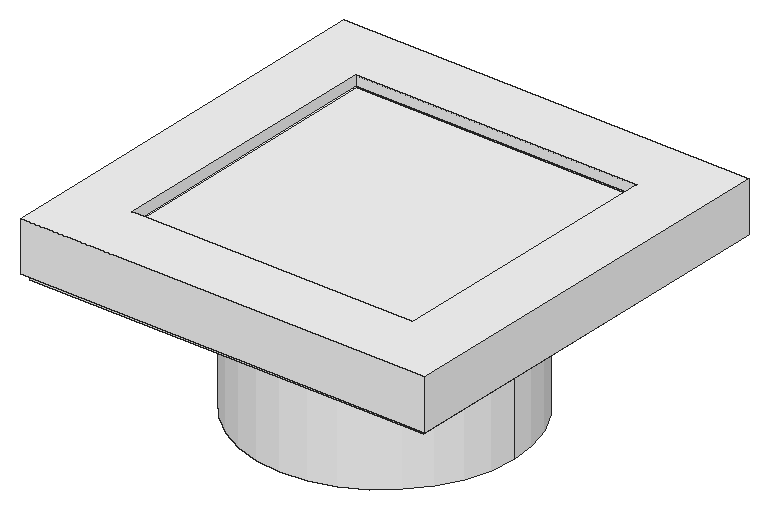
Revit family "Gira_228201", category Electrical Fixtures, host Face, Revit 2017
Family settings
  Host = Face
  Maintain Annotation Orientation = Yes
  Round Connector Dimension = Use Diameter
  Part Type = Normal
  Cut with Voids When Loaded = No
  Shared = No
  Room Calculation Point = No
Parameters (values of type "Speaker RDS FM radio System 55 cr.white")
  White [instance] = White
  URL = "http://katalog.gira.de/en/datenblatt.html?artikelnr=228201"
  Type of fastening = "Mounting with claw and screw"
  Surface protection = "Other"
  Surface finishing = "Glossy"
  RAL-number (akin) = "1013"
  Name = "Speaker RDS FM radio System 55 cr.white"
  Mounting method = "Flush mounted (plaster)"
  Model = "Radio"
  Material quality = "Other"
  Material = "Other"
  Manufacturer URL = "https://www.gira.de/"
  Manufacturer = "Gira"
  HeinzeBIM = "https://bimportal.heinze.de/bim/speaker-rds-fm-radio-system-55-cr-white/bdd7529753cffb099dc04f9d8e89b025146c0a9b"
  Halogen free = "Yes"
  HAN = "228201"
  GTIN = "4010337076230"
  Description = "Spk.FM radio RDS Sys55 CW,Speaker for the RDS flush-mounted radio,,cream white glossy,Features:,- Speaker for connection to the Gira RDS flush-mounted radio."
  Default Elevation = 1219.2 mm
  Data sheet (1) = "https://katalog.gira.de/en/download.html?artikelnr=228201"
  Colour = "Cream white (electro white)"
  Category = "Electronic insert for domestic switching devices"
  BIM (1) = "https://media.stage.bim.site/public/gira/36a6b08/Sys55_Komplettgerät_Schalten und Tasten.rfa?public/gira/36a6b08/Sys55_Komplettgerät_Schalten und Tasten.rfa"
  Available = "No"
  Assembly arrangement = "Basic element with housing top"
Reference planes
  plane 1 "Center (Front/Back)": y = 0
  plane 2: z = 0
  plane 3 "Center (Left/Right)": x = 0
Forms (mm)
  Extrusion 1, solid, material "White" <- "White", detail levels medium
    sketch origin (0, 0, 0) x (1, 0, 0) y (0, 1, 0)
      loop
        line (-40.4, 40.4) -> (-40.4, -40.4) -> (40.4, -40.4) -> (40.4, 40.4) -> (-40.4, 40.4)
      loop
        line (-28, 28) -> (-28, -28) -> (28, -28) -> (28, 28) -> (-28, 28)
    from 0 to 10
  Extrusion 2, solid, material "White" <- "White", detail levels fine
    sketch origin (0, 0, 0) x (1, 0, 0) y (0, 1, 0)
      loop
        line (-40.4, 40.4) -> (-40.4, -40.4) -> (40.4, -40.4) -> (40.4, 40.4) -> (-40.4, 40.4)
      loop
        line (-28, 28) -> (-28, -28) -> (28, -28) -> (28, 28) -> (-28, 28)
    from 0 to 10
  Extrusion 3, void
    sketch origin (0, 0, 0) x (1, 0, 0) y (0, 1, 0)
      loop
        line (-38.4, 38.4) -> (-38.4, -38.4) -> (38.4, -38.4) -> (38.4, 38.4) -> (-38.4, 38.4)
    from 0 to 8
  Extrusion 4, solid, material "White" <- "White", detail levels medium+fine
    sketch origin (0, 0, 0) x (1, 0, 0) y (0, 1, 0)
      loop
        line (-39.4, 39.4) -> (-39.4, -39.4) -> (39.4, -39.4) -> (39.4, 39.4) -> (-39.4, 39.4)
    from 0 to -1
  Extrusion 5, solid, material "White" <- "White", detail levels medium+fine
    sketch origin (0, 0, 0) x (1, 0, 0) y (0, 1, 0)
      loop
        line (-35.5, 35.5) -> (-35.5, -35.5) -> (35.5, -35.5) -> (35.5, 35.5) -> (-35.5, 35.5)
    from -2 to -3
  Extrusion 6, solid, material "White" <- "White", detail levels medium+fine
    sketch origin (0, 0, 0) x (1, 0, 0) y (0, 1, 0)
      loop
        circle (0, 0) r 26
    from 0 to -27.5
  Extrusion 7, solid, material "White" <- "White", detail levels coarse
    sketch origin (0, 0, 0) x (1, 0, 0) y (0, 1, 0)
      loop
        line (-40.4, 40.4) -> (-40.4, -40.4) -> (40.4, -40.4) -> (40.4, 40.4) -> (-40.4, 40.4)
    from -27.5 to 10
Cuts and joins
  Extrusion 3 cuts Extrusion 2
Dimensions and locks
  aligned and locked: plane 2 to host face
  aligned and locked: level to host face
  aligned and locked: plane 3 "Center (Left/Right)" to nested 2
  aligned and locked: plane 1 "Center (Front/Back)" to nested 2
Nested families
  nested 1: "Sys55_Abdeckung_Schalten und Tasten_floor_base" at (0, 0, 0), type "Sys55_Abdeckung_Schalten und Tasten_floor_base"
  nested 2: "Schalter" at (0, 0, 0), type "Schalter"
Connectors
  electrical at (0, 0, -27.5)
    settings: on Extrusion 6, index 1, voltage 220 V, apparent load 0 VA, apparent load phase1 0 VA, apparent load phase2 0 VA, apparent load phase3 0 VA, power factor 1, load classification "Other", number of poles 1, system type 30, power factor state 1, is connector primary yes, connector utility no, sub classification motor no, connector description ""
Definition of nested family "Sys55_Abdeckung_Schalten und Tasten_floor_base"
  Parameters
    Default Elevation = 1219.2 mm
    White [instance] = none
  Reference planes
    plane 1 "Center (Front/Back)": y = 0
    plane 2: z = 0
    plane 3 "Center (Left/Right)": x = 0
  Forms (mm)
    Extrusion 1, solid
      sketch origin (0, 0, 0) x (1, 0, 0) y (0, 1, 0)
        loop
          line (-1219.2, 1219.2) -> (-1219.2, -1219.2) -> (1219.2, -1219.2) -> (1219.2, 1219.2) -> (-1219.2, 1219.2)
      from 0 to -304.8
    Extrusion 2, solid, material <- "White", detail levels fine
      sketch origin (0, 0, 0) x (1, 0, 0) y (0, 1, 0)
        loop
          line (-27.5, 27.5) -> (-27.5, -27.5) -> (27.5, -27.5) -> (27.5, 27.5) -> (-27.5, 27.5)
      from 0 to 8
    Extrusion 3, void
      sketch origin (0, 0, 0) x (1, 0, 0) y (0, 1, 0)
        loop
          line (26, 26) -> (-26, 26) -> (-26, -26) -> (26, -26) -> (26, 26)
      from 0 to 6
    Extrusion 4, solid, material <- "White", detail levels medium
      sketch origin (0, 0, 0) x (1, 0, 0) y (0, 1, 0)
        loop
          line (-27.5, 27.5) -> (-27.5, -27.5) -> (27.5, -27.5) -> (27.5, 27.5) -> (-27.5, 27.5)
      from 0 to 8
    Extrusion 5, solid, material <- "White", detail levels medium
      sketch origin (0, 0, 0) x (1, 0, 0) y (0, 1, 0)
        loop
          line (11, -17.5) -> (11, 17.5) -> (-11, 17.5) -> (-11, -17.5) -> (11, -17.5)
      from -6 to 6
    Extrusion 6, solid, material <- "White", detail levels fine
      sketch origin (0, 0, 0) x (1, 0, 0) y (0, 1, 0)
        loop
          line (11, 17.5) -> (-11, 17.5) -> (-11, 16.5) -> (11, 16.5) -> (11, 17.5)
        loop
          line (-11, -16.5) -> (-11, -17.5) -> (11, -17.5) -> (11, -16.5) -> (-11, -16.5)
      from -4 to 6
    Extrusion 7, solid, material <- "White", detail levels fine
      sketch origin (0, 0, 0) x (1, 0, 0) y (0, 1, 0)
        loop
          arc (5, 9.347) -> (0, 10.6) -> (-5, 9.347) r 10.6
          line (-5, 9.347) -> (-5, -9.347)
          arc (-5, -9.347) -> (0, -10.6) -> (5, -9.347) r 10.6
          line (5, -9.347) -> (5, 9.347)
      from -6 to 6
    Extrusion 8, solid, material <- "White", detail levels coarse
      sketch origin (0, 0, 0) x (1, 0, 0) y (0, 1, 0)
        loop
          line (-27.5, 27.5) -> (-27.5, -27.5) -> (27.5, -27.5) -> (27.5, 27.5) -> (-27.5, 27.5)
      from -6 to 8
  Cuts and joins
    Extrusion 3 cuts Extrusion 2
  Dimensions and locks
    aligned and locked: plane 2 to Extrusion 1
    aligned and locked: level to Extrusion 1
Definition of nested family "Schalter"
  Reference planes
    plane 1: y = 0
    plane 2: x = 0
  Lines and regions (mm)
    detail lines
      curve 1: circle (1.375, 2.778, 0) r 0.8 normal (0, 0, 1)
      curve 2: line (1.021, 2.061, 0) -> (0, 0, 0)
      curve 3: line (0, 0, 0) -> (-0.538, 0.266, 0)
  Dimensions and locks
    curve 2 to curve 2 = 2.3 mm
    curve 3 to curve 2 = 0.6 mm
    radius of curve 1 = 0.8 mm
